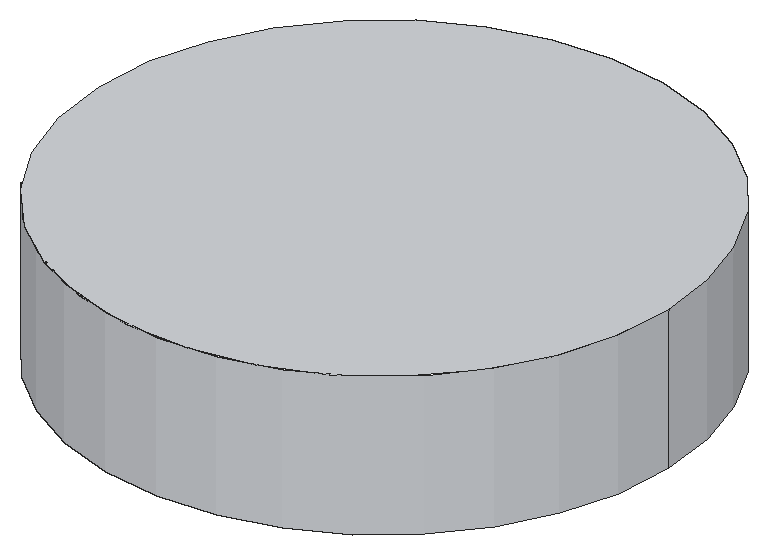
Revit family "電線管用ファミリ(片側のみ)_1", category Electrical Fixtures, Revit 2022
Family settings
  Round Connector Dimension = Use Diameter
  Part Type = Normal
  OmniClass Number = 23.80.00.00
  OmniClass Title = Electric Power and Lighting
  Work Plane-Based = No
  Always vertical = Yes
  Cut with Voids When Loaded = No
  Maintain Annotation Orientation = No
  Shared = No
  Room Calculation Point = No
Parameters
  コネクタ直径 [instance] = 16 mm
  W [instance] = 200 mm
  Default Elevation = 0 mm
  D [instance] = 200 mm
Reference planes
  plane 1 "Center (Front/Back)": y = 0
  plane 2: z = 0
  plane 3 "Center (Left/Right)": x = 0
  plane 4: x = -100
  plane 5: x = 100
  plane 6: y = 100
  plane 7: y = -100
  plane 8: z = 33.685
  plane 9: z = 50
Forms (mm)
  Extrusion 1, solid
    sketch origin (0, 0, 0) x (1, 0, 0) y (0, 1, 0)
      loop
        circle (0, 0) r 100
    from 0 to 50
Dimensions and locks
  equal spacing: plane 4, plane 3 "Center (Left/Right)", plane 5
  "W": plane 4 to plane 5
  equal spacing: plane 6, plane 1 "Center (Front/Back)", plane 7
  "D": plane 6 to plane 7
  aligned and locked: level to plane 2
  aligned and locked: plane 9 to Extrusion 1
Automatic sketch dimensions
  plane 1 "Center (Front/Back)" to Extrusion 1 sketch curve = 0 mm
  Extrusion 1 sketch curve to plane 3 "Center (Left/Right)" = 0 mm
  radius of Extrusion 1 sketch curve = 100 mm
Connectors
  cabletrayconduit at (0, 0, 50), diameter 16
    settings: on Extrusion 1, index 1, connector width 300 mm, connector height 300 mm, connector angle 0.00°, system type 32, placement type 0, profile type 0, connector reference index -1, is primary connector yes, connector utility param no, connector description ""
